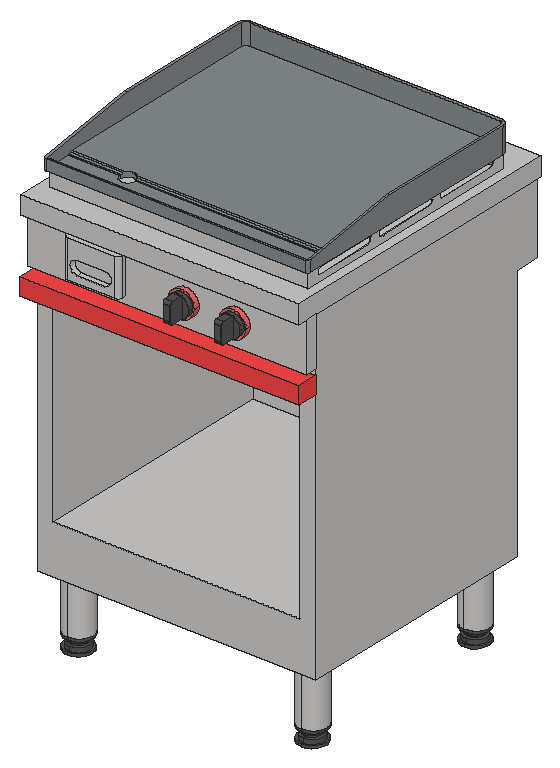
Revit family "ADB Armoire Plancha Fonte Gaz 620", category Equipement spécialisé, Revit 2022
Family settings
  Cote de connecteur circulaire = Utiliser le diamètre
  Type d'élément = Normal
  Numéro OmniClass = 23.40.40.14.17.11
  Titre OmniClass = Cookers, Ovens, Stoves
  Basée sur le plan de construction = Non
  Toujours verticalement = Oui
  Couper avec des vides une fois chargée = Non
  Conserver l'orientation des annotations = Non
  Partagée = Non
  Repère de localisation dans la pièce = Non
Parameters (values of type "CMG 620 PL")
  URL catalogue = "https://www.ambassade-de-bourgogne.com/fr/produits/armoires/grils/Resources/CMG-620-PL.pdf"
  URL = "https://www.ambassade-de-bourgogne.com/fr/produits/armoires/grils/Resources/CMG-620-PL.pdf"
  Type de Raccord Electrique [instance] = "Bornier 40A"  # constant formula
  Type article = ""
  Tension [instance] = 230 V  # constant formula
  Table = CME620PL_plancha fonte gaz : CME620PL_plancha fonte gaz
  Spécification du Fabricant = ""
  Remarques Electricité [instance] = "230V(MONO) commutable 400V(TRI)"
  Puissance électrique = 0 W
  Puissance Gaz kW = 6
  Porte inversée [instance] = no
  Porte CPM 600 [instance] = no
  Profondeur [instance] = 652 mm + if(Dosseret DSA 600, 50 mm, 0 mm) + if(Porte CPM 600, 53 mm, 0 mm)  # 652 mm
  Poids net à vide [instance] = 98.00 kg + if(Dosseret DSA 600, 1.00 kg, 0.00 kg) + if(Porte CPM 600, 5.00 kg, 0.00 kg)  # 98.00 kg
  Phase [instance] = 1  # constant formula
  Nombres de Pôles [instance] = Phase  # 1
  Modèle = "CMG 620 PL"
  Longueur [instance] = 600 mm  # constant formula
  Hauteur [instance] = 1000 mm
  Fréquence [instance] = 50 Hz  # constant formula
  Fabricant = "Société Industrielle de Lacanche"  # constant formula
  F = 810 mm
  Elévation par défaut = 0 mm
  Echelles ECH 400 [instance] = no
  E = 50 mm
  Dosseret DSA 600 [instance] = no
  Dosseret [instance] = if(Dosseret DSA 600, 50 mm, 0 mm)  # 0 mm
  Diamètre de Raccordement Gaz = 20.96 mm
  Description = "Plancha fonte gaz armoire"
  Connecteurs [instance] = yes
  Commentaires du type = "Gamme Ambassade - Grils et planchas gaz"
  D = 765 mm
  C = 300 mm
Reference planes
  plane 1 "Centre (avant/arrière)": y = 0
  plane 2: z = 0
  plane 3 "Centre (gauche/droite)": x = 0
  plane 4 "gauche": x = -300
  plane 5 "droite": x = 300
  plane 6 "fond de meuble": y = 325
  plane 7 "avant": y = -325
  plane 8 "arrière": y = 325
  plane 9: z = 1000
  plane 10: x = 0
  plane 11: z = 765
  plane 12: x = 250
  plane 13: z = 810
Forms (mm)
  Extrusion 1, solid, material "ADB_Network_Electricity_Yellow", visible <- "Connecteurs", detail levels medium+fine
    sketch origin (300, 315, 707) x (-1, 0, 0) y (0, 0, 1)
      loop
        circle (300, 58) r 10
    from 0 to 10
  Extrusion 2, solid, detail levels coarse
    sketch origin (0, 0, 0) x (1, 0, 0) y (0, 1, 0)
      loop
        line (-300, 325.033) -> (-300, -377.967) -> (300, -377.967) -> (300, 325.033) -> (-300, 325.033)
    from 0 to 1000 <- "Hauteur"
  Extrusion 3, solid, material "ADB_Stainless Steel-Polished", detail levels fine
    sketch origin (0, 0, 0) x (1, 0, 0) y (0, 1, 0)
      loop
        arc (-210, -313.5) -> (-207.218, -320.218) -> (-200.5, -323) r 9.5
        line (-200.5, -323) -> (-99.5, -323)
        arc (-99.5, -323) -> (-92.782, -320.218) -> (-90, -313.5) r 9.5
        line (-90, -313.5) -> (-90, -306) -> (-210, -306) -> (-210, -313.5)
    from 770 to 850
  Extrusion 4, void
    sketch origin (300, -306, 860) x (-1, 0, 0) y (0, 0, -1)
      loop
        arc (479.812, 45) -> (494.812, 60) -> (479.812, 75) r 15
        line (479.812, 75) -> (420.021, 75)
        arc (420.021, 75) -> (405.021, 60) -> (420.021, 45) r 15
        line (420.021, 45) -> (479.812, 45)
    from 5 to 38.602
  Extrusion 5, solid, material "ADB_Network_Gas_Red", detail levels medium+fine
    sketch origin (300, 315, 707) x (-1, 0, 0) y (0, 0, 1)
      loop
        circle (50, 103) r 10.48
    from 0 to 10
Cuts and joins
  Extrusion 4 cuts Extrusion 3
Dimensions and locks
  equal spacing: plane 5 "droite", plane 3 "Centre (gauche/droite)", plane 4 "gauche"
  "Longueur": plane 5 "droite" to plane 4 "gauche"
  plane 6 "fond de meuble" to plane 7 "avant" = 650 mm
  locked: plane 7 "avant" to plane 1 "Centre (avant/arrière)" at 325
  "Dosseret": plane 8 "arrière" to plane 6 "fond de meuble"
  "Hauteur": plane 9 to plane 2
  "D": plane 2 to plane 11
  "C": plane 5 "droite" to plane 10
  "E": plane 12 to plane 5 "droite"
  "F": plane 2 to plane 13
  aligned and locked: level to plane 2
  aligned and locked: plane 3 "Centre (gauche/droite)" to nested 1
  aligned and locked: Extrusion 1 sketch curve to plane 10
  aligned and locked: plane 11 to Extrusion 1 sketch curve
  aligned and locked: plane 3 "Centre (gauche/droite)" to nested 4
  aligned and locked: plane 13 to Extrusion 5 sketch curve
  aligned and locked: plane 12 to Extrusion 5 sketch curve
Automatic sketch dimensions
  Extrusion 2 sketch curve to plane 4 "gauche" = 0 mm
  Extrusion 2 sketch curve to plane 5 "droite" = 0 mm
  Extrusion 2 sketch curve to plane 7 "avant" = 52.967 mm
  plane 8 "arrière" to Extrusion 2 sketch curve = 0.033 mm
  plane 4 "gauche" to Extrusion 3 sketch curve = 90 mm
  plane 7 "avant" to Extrusion 3 sketch curve = 11.5 mm
  Extrusion 3 sketch curve to Extrusion 3 sketch curve = 9.5 mm  (x2)
  Extrusion 3 sketch curve to plane 3 "Centre (gauche/droite)" = 99.5 mm
  plane 7 "avant" to Extrusion 3 sketch curve = 19 mm
  Extrusion 4 sketch curve to nested 1 = 45 mm
  nested 1 to Extrusion 4 sketch curve = 179.979 mm
  Extrusion 4 sketch curve to Extrusion 4 sketch curve = 59.792 mm
  Extrusion 4 sketch curve to Extrusion 4 sketch curve = 15 mm
  radius of Extrusion 1 sketch curve = 10 mm
  radius of Extrusion 5 sketch curve = 10.48 mm
Nested families
  nested 1: "Soubassement armoire" at (0, 0, 0), Dosseret <- "Dosseret DSA 600", Porte <- "Porte CPM 600", Porte inversée <- "Porte inversée", Echelle <- "Echelles ECH 400", type "1 armoire", detail levels medium+fine
    with Profondeur 703 mm, Porte inversée no, Porte no, Longueur 600 mm, Hauteur 900 mm, Encombrement Porte standard no, Encombrement Porte inversée no, Echelle no, Décalage poignée 233.5 mm, Dosseret no
  nested 2: "Bouton" at (150, -306, 804.565) x (1, 0, 0) z (0, -1, 0), type "Bouton"
  nested 3: "Bouton" at (40, -306, 804.565) x (1, 0, 0) z (0, -1, 0), type "Bouton"
  nested 4: "CME620PL_plancha fonte gaz" at (0, 0, 900), type <- "Table", type "CME620PL_plancha fonte gaz", detail levels medium+fine
Connectors
  electrical at (0, 315, 765), driven by "Nombres de Pôles", driven by "Tension", driven by "Puissance électrique"
    settings: on Extrusion 1, index 1, voltage 230 V, apparent load 0 VA, apparent load phase1 0 VA, apparent load phase2 0 VA, apparent load phase3 0 VA, power factor 1, load classification "Autre", number of poles 1, system type 30, power factor state 1, is connector primary yes, connector utility no, sub classification motor no, connector description ""
  piping at (250, 315, 810), diameter 20.96, driven by "Diamètre de Raccordement Gaz"
    settings: on Extrusion 5, index 2, connector inside diameter 609.60 mm, connector length 0 mm, flow factor 0, pipe flow 0.0 L/s, pressure drop 0.0 Pa, fitting loss kfactor 0, connector angle 0.00°, fixture units 0, engagement length 0 mm, angle of deflection 0.00°, flow configuration 0, flow direction 1, fitting loss method 0, system type 29, joint type 0, gender type 0, connector reference index -1, connector utility 0, adjustable connector no, is connector primary yes, connector description "Gaz"
Definition of nested family "Soubassement armoire"
  Parameters (values of type "1 armoire")
    Profondeur produit = 650 mm
    Profondeur baie libre = if(Baie libre, Profondeur produit - 68 mm, 1 mm)  # 582 mm
    Porte inversée [instance] = no
    Longueur poignée = 229 mm  # constant formula
    Encombrement Porte inversée [instance] = and(Porte, Porte inversée)  # no
    Encombrement Porte standard [instance] = and(Porte, not(Porte inversée))  # no
    Porte [instance] = no
    Profondeur [instance] = Profondeur produit + if(Dosseret, 50 mm, 0 mm) + 53 mm  # 703 mm
    Longueur produit = 600 mm
    Longueur [instance] = Longueur produit  # 600 mm
    Hauteur produit = 900 mm
    Hauteur [instance] = Hauteur produit + if(Dosseret, 100 mm, 0 mm)  # 900 mm
    Default Elevation = 0 mm
    Echelle [instance] = no
    Décalage poignée [instance] = if(Porte inversée, Longueur, 233.5 mm)  # 233.5 mm
    Dosseret [instance] = no
    Baie libre = yes
  Reference planes
    plane 1 "Centre (avant/arrière)": y = 0
    plane 2: z = 0
    plane 3 "Centre (gauche/droite)": x = 0
    plane 4 "Gauche": x = -300
    plane 5 "Arrière": y = 325
    plane 6 "Droite": x = 300
    plane 7 "Avant": y = -325
    plane 8 "dessous meuble": z = 155
    plane 9 "Dessus de plan": z = 900
    plane 10 "Baguette coloré": z = 696
    plane 11 "dessous plan": z = 860
    plane 12 "Face": y = -280
    plane 13 "commande": z = 755
    plane 14 "dessus dosseret": z = 900
    plane 15: y = -377.967
    plane 16: y = 325.033
    plane 17 "Baguette colorë": y = -780
    plane 18: x = -66.5
  Forms (mm)
    Extrusion 1, solid, visible <- "Porte", detail levels medium+fine
      sketch origin (-300, 0, 0) x (0, 1, 0) y (0, 0, 1)
        loop
          line (-325, 155) -> (-280, 155) -> (-280, 696) -> (-325, 696) -> (-325, 155)
      from 0 to 600 <- "Longueur"
    Extrusion 2, solid, detail levels medium+fine
      sketch origin (-300, 0, 0) x (0, 1, 0) y (0, 0, 1)
        loop
          line (-280, 742.5) -> (-327, 742.5) -> (-327, 705) -> (-280, 705) -> (-280, 742.5)
      from 0 to 600 <- "Longueur"
    Extrusion 3, solid, detail levels medium+fine
      sketch origin (-300, 0, 0) x (0, 1, 0) y (0, 0, 1)
        loop
          line (325, 900) -> (-325, 900) -> (-325, 860) -> (325, 860) -> (325, 900)
      from 0 to 600 <- "Longueur"
    Extrusion 4, void
      sketch origin (0, -325, 0) x (-1, 0, 0) y (0, 0, 1)
        loop
          line (266, 679) -> (-266, 679) -> (-266, 261.5) -> (266, 261.5) -> (266, 679)
      from 0 to 582 <- "Profondeur baie libre"
    Extrusion 5, solid, detail levels medium+fine
      sketch origin (-300, 0, 0) x (0, 1, 0) y (0, 0, 1)
        loop
          line (-280, 860) -> (-306, 860) -> (-306, 755) -> (-280, 755) -> (-280, 860)
      from 0 to 600 <- "Longueur"
    Extrusion 6, solid, detail levels medium+fine
      sketch origin (-300, 0, 0) x (0, 1, 0) y (0, 0, 1)
        loop
          line (315, 860) -> (-280, 860) -> (-280, 155) -> (260, 155) -> (260, 707) -> (315, 707) -> (315, 860)
      from 0 to 600 <- "Longueur"
    Revolve 7, solid, detail levels medium+fine
      sketch origin (251.965, 0, 0) x (0, 1, 0) y (0, 0, -1)
        loop
          line (-258.968, -155) -> (-229, -155) -> (-229, 0) -> (-258.492, 0) -> (-258.492, -5) -> (-253.001, -5) -> (-253.001, -13.586) -> (-248.857, -16.488) -> (-248.857, -22) -> (-252.82, -22) -> (-258.968, -28.148) -> (-258.968, -34) -> (-258.968, -155)
        axis (-229, 0) -> (-229, -155)
      angle from 0 to 360
    Revolve 8, solid, detail levels medium+fine
      sketch origin (-251.965, 0, 0) x (0, 1, 0) y (0, 0, 1)
        loop
          line (-258.968, 155) -> (-258.968, 34) -> (-258.968, 28.148) -> (-252.82, 22) -> (-248.857, 22) -> (-248.857, 16.488) -> (-253.001, 13.586) -> (-253.001, 5) -> (-258.492, 5) -> (-258.492, 0) -> (-229, 0) -> (-229, 155) -> (-258.968, 155)
        axis (-229, 0) -> (-229, 155)
      angle from 0 to 360
    Revolve 9, solid, detail levels medium+fine
      sketch origin (-251.965, -20, 0) x (0, -1, 0) y (0, 0, -1)
        loop
          line (-258.968, -155) -> (-229, -155) -> (-229, 0) -> (-258.492, 0) -> (-258.492, -5) -> (-253.001, -5) -> (-253.001, -13.586) -> (-248.857, -16.488) -> (-248.857, -22) -> (-252.82, -22) -> (-258.968, -28.148) -> (-258.968, -34) -> (-258.968, -155)
        axis (-229, 0) -> (-229, -155)
      angle from 0 to 360
    Extrusion 10, solid, visible <- "Dosseret", detail levels medium+fine
      sketch origin (-300, 0, 0) x (0, 1, 0) y (0, 0, 1)
        loop
          line (375.033, 1000) -> (325, 1000) -> (325, 860) -> (375.033, 860) -> (375.033, 1000)
      from 0 to 600 <- "Longueur"
    Revolve 11, solid, detail levels medium+fine
      sketch origin (251.965, -20, 0) x (0, -1, 0) y (0, 0, 1)
        loop
          line (-258.968, 155) -> (-258.968, 34) -> (-258.968, 28.148) -> (-252.82, 22) -> (-248.857, 22) -> (-248.857, 16.488) -> (-253.001, 13.586) -> (-253.001, 5) -> (-258.492, 5) -> (-258.492, 0) -> (-229, 0) -> (-229, 155) -> (-258.968, 155)
        axis (-229, 0) -> (-229, 155)
      angle from 0 to 360
    Extrusion 12, void
      sketch origin (0, 0, 900) x (0, -1, 0) y (1, 0, 0)
        loop
          line (-307.033, -266.567) -> (-293.033, -266.567) -> (-293.033, 266.464) -> (-307.033, 266.464) -> (-307.033, -266.567)
      from 0 to -0.8
    Extrusion 13, solid, detail levels medium+fine
      sketch origin (-300, 260, 155) x (0, 0, 1) y (1, 0, 0)
        loop
          line (65, 454) -> (65, 146) -> (552, 146) -> (552, 454) -> (65, 454)
      from 0 to 35
    Extrusion 14, solid, visible <- "Echelle"
      sketch origin (0, 0, 0) x (1, 0, 0) y (0, 0, 1)
        loop
          line (-266, 648.8) -> (-266, 623.8) -> (-256.5, 623.8) -> (-256.5, 625) -> (-264.8, 625) -> (-264.8, 647.6) -> (-248, 647.6) -> (-248, 648.8) -> (-266, 648.8)
        loop
          line (-266, 548.8) -> (-266, 523.8) -> (-256.5, 523.8) -> (-256.5, 525) -> (-264.8, 525) -> (-264.8, 547.6) -> (-248, 547.6) -> (-248, 548.8) -> (-266, 548.8)
        loop
          line (-266, 448.8) -> (-266, 423.8) -> (-256.5, 423.8) -> (-256.5, 425) -> (-264.8, 425) -> (-264.8, 447.6) -> (-248, 447.6) -> (-248, 448.8) -> (-266, 448.8)
        loop
          line (-266, 348.8) -> (-266, 323.8) -> (-256.5, 323.8) -> (-256.5, 325) -> (-264.8, 325) -> (-264.8, 347.6) -> (-248, 347.6) -> (-248, 348.8) -> (-266, 348.8)
      from -113.466 to 206.5
    Extrusion 15, solid, visible <- "Echelle"
      sketch origin (0, 0, 0) x (-1, 0, 0) y (0, 0, -1)
        loop
          line (-266, -648.8) -> (-248, -648.8) -> (-248, -647.6) -> (-264.8, -647.6) -> (-264.8, -625) -> (-256.5, -625) -> (-256.5, -623.8) -> (-266, -623.8) -> (-266, -648.8)
        loop
          line (-266, -548.8) -> (-248, -548.8) -> (-248, -547.6) -> (-264.8, -547.6) -> (-264.8, -525) -> (-256.5, -525) -> (-256.5, -523.8) -> (-266, -523.8) -> (-266, -548.8)
        loop
          line (-266, -448.8) -> (-248, -448.8) -> (-248, -447.6) -> (-264.8, -447.6) -> (-264.8, -425) -> (-256.5, -425) -> (-256.5, -423.8) -> (-266, -423.8) -> (-266, -448.8)
        loop
          line (-266, -348.8) -> (-248, -348.8) -> (-248, -347.6) -> (-264.8, -347.6) -> (-264.8, -325) -> (-256.5, -325) -> (-256.5, -323.8) -> (-266, -323.8) -> (-266, -348.8)
      from -113.466 to 206.5
  Cuts and joins
    Extrusion 4 cuts Extrusion 6
    Extrusion 12 cuts Extrusion 10
  Lines and regions (mm)
    symbolic lines, visible <- "Encombrement Porte standard"
      curve 1: line (300, -280, 155) -> (300, -880, 155)
      curve 4: arc (-300, -280, 155) -> (-124.264, -704.264, 155) -> (300, -880, 155) r 600
    symbolic lines, visible <- "Encombrement Porte inversée"
      curve 2: line (-300, -280, 155) -> (-300, -880, 155)
      curve 3: arc (300, -280, 155) -> (124.264, -704.264, 155) -> (-300, -880, 155) r 600
  Dimensions and locks
    equal spacing: plane 7 "Avant", plane 1 "Centre (avant/arrière)", plane 5 "Arrière"
    "Profondeur produit": plane 5 "Arrière" to plane 7 "Avant"
    equal spacing: plane 4 "Gauche", plane 3 "Centre (gauche/droite)", plane 6 "Droite"
    "Longueur produit": plane 4 "Gauche" to plane 6 "Droite"
    "Hauteur produit": plane 9 "Dessus de plan" to plane 2
    locked: plane 8 "dessous meuble" to plane 2 at 155
    locked: plane 9 "Dessus de plan" to plane 11 "dessous plan" at 40
    locked: plane 7 "Avant" to plane 12 "Face" at 45
    locked: plane 13 "commande" to plane 10 "Baguette coloré" at 59
    locked: plane 11 "dessous plan" to plane 13 "commande" at 105
    Extrusion 4 sketch curve to plane 8 "dessous meuble" = 106.5 mm
    Extrusion 4 sketch curve to plane 6 "Droite" = 34 mm
    Extrusion 4 sketch curve to plane 4 "Gauche" = 34 mm
    plane 10 "Baguette coloré" to Extrusion 4 sketch curve = 17 mm
    "Hauteur": plane 14 "dessus dosseret" to plane 2
    locked: plane 7 "Avant" to plane 15 at 52.967
    "Profondeur": plane 15 to plane 16
    equal spacing: Extrusion 13 sketch curve, plane 3 "Centre (gauche/droite)", Extrusion 13 sketch curve
    "Décalage poignée": plane 18 to plane 4 "Gauche"
    locked: plane 4 "Gauche" to Revolve 9 at 18.067
    locked: Revolve 11 to plane 6 "Droite" at 18.067
    locked: Revolve 7 to plane 6 "Droite" at 18.067
    locked: plane 4 "Gauche" to Revolve 8 at 18.067
    locked: Revolve 8 to plane 12 "Face" at 21.032
    locked: Revolve 7 to plane 12 "Face" at 21.032
    locked: plane 5 "Arrière" to Extrusion 10 sketch curve at 50.033
    plane 16 to Extrusion 12 sketch curve to Extrusion 12 sketch curve = 18 mm locked, 14 mm locked
    aligned and locked: level to plane 2
    aligned and locked: plane 18 to nested 1
  Automatic sketch dimensions
    Extrusion 1 sketch curve to plane 7 "Avant" = 0 mm
    Extrusion 1 sketch curve to plane 10 "Baguette coloré" = 0 mm
    Extrusion 1 sketch curve to plane 12 "Face" = 0 mm
    Extrusion 1 sketch curve to plane 8 "dessous meuble" = 0 mm
    Extrusion 2 sketch curve to plane 12 "Face" = 0 mm
    Extrusion 2 sketch curve to plane 7 "Avant" = 2 mm
    plane 10 "Baguette coloré" to Extrusion 2 sketch curve = 9 mm
    Extrusion 2 sketch curve to plane 13 "commande" = 12.5 mm
    Extrusion 3 sketch curve to plane 7 "Avant" = 0 mm
    Extrusion 3 sketch curve to plane 5 "Arrière" = 0 mm
    Extrusion 3 sketch curve to plane 11 "dessous plan" = 0 mm
    Extrusion 3 sketch curve to plane 9 "Dessus de plan" = 0 mm
    Extrusion 5 sketch curve to plane 11 "dessous plan" = 0 mm
    Extrusion 5 sketch curve to plane 13 "commande" = 0 mm
    Extrusion 5 sketch curve to plane 12 "Face" = 0 mm
    plane 7 "Avant" to Extrusion 5 sketch curve = 19 mm
    Extrusion 6 sketch curve to plane 11 "dessous plan" = 0 mm
    Extrusion 6 sketch curve to plane 12 "Face" = 0 mm
    Extrusion 6 sketch curve to plane 8 "dessous meuble" = 0 mm
    Extrusion 6 sketch curve to plane 5 "Arrière" = 65 mm
    Extrusion 6 sketch curve to plane 5 "Arrière" = 10 mm
    plane 10 "Baguette coloré" to Extrusion 6 sketch curve = 11 mm
    Revolve 7 sketch curve to plane 8 "dessous meuble" = 0 mm
    Revolve 7 sketch curve to level = 0 mm
    plane 12 "Face" to Revolve 7 sketch curve = 21.032 mm
    plane 12 "Face" to Revolve 7 sketch curve = 21.508 mm
    Revolve 7 sketch curve to Revolve 7 sketch curve = 5.491 mm
    Revolve 7 sketch curve to Revolve 7 sketch curve = 0.181 mm
    Revolve 7 sketch curve to Revolve 7 sketch curve = 3.964 mm
    Revolve 7 sketch curve to Revolve 7 sketch curve = 24.001 mm
    level to Revolve 7 sketch curve = 34 mm
    Revolve 7 sketch curve to Revolve 7 sketch curve = 5.852 mm
    Revolve 7 sketch curve to Revolve 7 sketch curve = 6.148 mm
    Revolve 7 sketch curve to Revolve 7 sketch curve = 5.512 mm
    Revolve 7 sketch curve to Revolve 7 sketch curve = 2.902 mm
    level to Revolve 7 sketch curve = 5 mm
    Revolve 7 sketch curve to Revolve 7 sketch curve = 0 mm
    plane 8 "dessous meuble" to Revolve 7 sketch curve = 19 mm
    Revolve 7 sketch curve to Revolve 7 sketch curve = 12 mm
    Revolve 8 sketch curve to plane 8 "dessous meuble" = 0 mm
    Revolve 8 sketch curve to level = 0 mm
    plane 12 "Face" to Revolve 8 sketch curve = 21.032 mm
    plane 12 "Face" to Revolve 8 sketch curve = 21.508 mm
    Revolve 8 sketch curve to Revolve 8 sketch curve = 5.491 mm
    Revolve 8 sketch curve to Revolve 8 sketch curve = 0.181 mm
    Revolve 8 sketch curve to Revolve 8 sketch curve = 3.964 mm
    Revolve 8 sketch curve to Revolve 8 sketch curve = 24.001 mm
    level to Revolve 8 sketch curve = 5 mm
    Revolve 8 sketch curve to Revolve 8 sketch curve = 8.586 mm
    Revolve 8 sketch curve to Revolve 8 sketch curve = 2.902 mm
    Revolve 8 sketch curve to Revolve 8 sketch curve = 5.512 mm
    Revolve 8 sketch curve to Revolve 8 sketch curve = 6.148 mm
    Revolve 8 sketch curve to Revolve 8 sketch curve = 5.852 mm
    Revolve 8 sketch curve to Revolve 8 sketch curve = 0 mm
    Revolve 8 sketch curve to Revolve 8 sketch curve = 12 mm
    plane 8 "dessous meuble" to Revolve 8 sketch curve = 19 mm
    Revolve 9 sketch curve to plane 8 "dessous meuble" = 0 mm
    Revolve 9 sketch curve to level = 0 mm
    level to Revolve 9 sketch curve = 28.148 mm
    Revolve 9 sketch curve to plane 5 "Arrière" = 86.032 mm
    Revolve 9 sketch curve to Revolve 9 sketch curve = 0.477 mm
    level to Revolve 9 sketch curve = 13.586 mm
    Revolve 9 sketch curve to Revolve 9 sketch curve = 5.491 mm
    Revolve 9 sketch curve to Revolve 9 sketch curve = 0.181 mm
    Revolve 9 sketch curve to Revolve 9 sketch curve = 3.964 mm
    Revolve 9 sketch curve to Revolve 9 sketch curve = 24.001 mm
    Revolve 9 sketch curve to Revolve 9 sketch curve = 5.852 mm
    Revolve 9 sketch curve to Revolve 9 sketch curve = 8.414 mm
    Revolve 9 sketch curve to Revolve 9 sketch curve = 2.902 mm
    level to Revolve 9 sketch curve = 5 mm
    Revolve 9 sketch curve to Revolve 9 sketch curve = 0 mm
    plane 8 "dessous meuble" to Revolve 9 sketch curve = 19 mm
    Revolve 9 sketch curve to Revolve 9 sketch curve = 12 mm
    Extrusion 10 sketch curve to plane 5 "Arrière" = 0 mm
    Extrusion 10 sketch curve to plane 11 "dessous plan" = 0 mm
    plane 9 "Dessus de plan" to Extrusion 10 sketch curve = 100 mm
    curve 3 to plane 6 "Droite" = 0 mm
    curve 3 to plane 4 "Gauche" = 0 mm
    curve 4 to plane 4 "Gauche" = 0 mm
    curve 4 to plane 12 "Face" = 0 mm
    curve 2 to plane 12 "Face" = 0 mm
    curve 3 to plane 12 "Face" = 0 mm
    Revolve 11 sketch curve to plane 8 "dessous meuble" = 0 mm
    Revolve 11 sketch curve to level = 0 mm
    level to Revolve 11 sketch curve = 28.148 mm
    Revolve 11 sketch curve to plane 5 "Arrière" = 86.032 mm
    Revolve 11 sketch curve to Revolve 11 sketch curve = 0.477 mm
    level to Revolve 11 sketch curve = 13.586 mm
    Revolve 11 sketch curve to Revolve 11 sketch curve = 5.491 mm
    Revolve 11 sketch curve to Revolve 11 sketch curve = 0.181 mm
    Revolve 11 sketch curve to Revolve 11 sketch curve = 3.964 mm
    Revolve 11 sketch curve to Revolve 11 sketch curve = 24.001 mm
    level to Revolve 11 sketch curve = 5 mm
    Revolve 11 sketch curve to Revolve 11 sketch curve = 2.902 mm
    Revolve 11 sketch curve to Revolve 11 sketch curve = 5.512 mm
    Revolve 11 sketch curve to Revolve 11 sketch curve = 5.852 mm
    Revolve 11 sketch curve to Revolve 11 sketch curve = 0 mm
    Revolve 11 sketch curve to Revolve 11 sketch curve = 12 mm
    plane 8 "dessous meuble" to Revolve 11 sketch curve = 19 mm
    plane 4 "Gauche" to Extrusion 12 sketch curve = 33.433 mm
    plane 6 "Droite" to Extrusion 12 sketch curve = 33.536 mm
    Extrusion 13 sketch curve to Extrusion 6 = 0 mm
    Extrusion 6 to Extrusion 13 sketch curve = 65 mm
    Extrusion 6 to Extrusion 13 sketch curve = 146 mm
    plane 4 "Gauche" to Extrusion 14 sketch curve = 34 mm  (x4)
    Extrusion 14 sketch curve to Extrusion 14 sketch curve = 1.2 mm  (x12)
    Extrusion 14 sketch curve to Extrusion 14 sketch curve = 8.3 mm  (x4)
    Extrusion 14 sketch curve to Extrusion 14 sketch curve = 16.8 mm  (x4)
    plane 8 "dessous meuble" to Extrusion 14 sketch curve = 168.8 mm
    Extrusion 14 sketch curve to Extrusion 14 sketch curve = 22.6 mm  (x4)
    Extrusion 14 sketch curve to Extrusion 14 sketch curve = 75 mm  (x2)
    Extrusion 14 sketch curve to plane 10 "Baguette coloré" = 72.2 mm
    plane 6 "Droite" to Extrusion 15 sketch curve = 34 mm  (x4)
    Extrusion 15 sketch curve to Extrusion 15 sketch curve = 1.2 mm  (x12)
    Extrusion 15 sketch curve to Extrusion 15 sketch curve = 8.3 mm  (x4)
    Extrusion 15 sketch curve to Extrusion 15 sketch curve = 16.8 mm  (x4)
    Extrusion 15 sketch curve to plane 10 "Baguette coloré" = 47.2 mm
    Extrusion 15 sketch curve to Extrusion 15 sketch curve = 22.6 mm  (x4)
    Extrusion 15 sketch curve to Extrusion 15 sketch curve = 75 mm  (x3)
    curve 1 to plane 6 "Droite" = 0 mm
    curve 1 to plane 12 "Face" = 0 mm
  Nested families
    nested 1: "Poignée" at (-181, -325, 681.933) x (1, 0, 0) z (0, -1, 0), visible <- "Porte", Longueur <- "Longueur poignée", type "Poignée", detail levels fine
      with Longueur 229 mm
  Definition of nested family "Poignée"
    Parameters (values of type "Poignée")
      Longueur [instance] = 800 mm
      Default Elevation = 1219.2 mm
    Reference planes
      plane 1 "Centre (avant/arrière)": y = 0
      plane 2: z = 0
      plane 3 "Centre (gauche/droite)": x = 0
      plane 4: x = -400
      plane 5: x = 400
      plane 6: x = -395
      plane 7: x = 395
    Forms (mm)
      Extrusion 1, solid
        sketch origin (0, 0, 0) x (1, 0, 0) y (0, 1, 0)
          loop
            line (-1219.2, 1219.2) -> (-1219.2, -1219.2) -> (1219.2, -1219.2) -> (1219.2, 1219.2) -> (-1219.2, 1219.2)
        from 0 to -304.8
      Extrusion 2, solid
        sketch origin (0, 0, 0) x (0, 1, 0) y (0, 0, 1)
          loop
            circle (0, 38.995) r 13.972
        from -395 to 395
      Extrusion 3, solid
        sketch origin (0, 0, 0) x (1, 0, 0) y (0, 1, 0)
          loop
            circle (-363.542, 0) r 8.5
          loop
            circle (363.453, 0) r 8.5
        from 0 to 37.089
    Cuts and joins
      joined: Extrusion 2, Extrusion 3
    Dimensions and locks
      equal spacing: plane 4, plane 3 "Centre (gauche/droite)", plane 5
      "Longueur": plane 4 to plane 5
      locked: plane 4 to plane 6 at 5
      locked: plane 7 to plane 5 at 5
      locked: plane 6 to Extrusion 3 sketch curve at 31.458
      locked: Extrusion 3 sketch curve to plane 7 at 31.547
      aligned and locked: plane 2 to Extrusion 1
      aligned and locked: level to Extrusion 1
      aligned and locked: plane 6 to Extrusion 2
      aligned and locked: Extrusion 2 to plane 7
      aligned and locked: plane 1 "Centre (avant/arrière)" to Extrusion 3 sketch curve
    Automatic sketch dimensions
      Extrusion 1 sketch curve to Extrusion 1 sketch curve = 2438.4 mm  (x2)
      Extrusion 2 sketch curve to plane 1 "Centre (avant/arrière)" = 0 mm
      level to Extrusion 2 sketch curve = 38.995 mm
      plane 1 "Centre (avant/arrière)" to Extrusion 3 sketch curve = 0 mm
      radius of Extrusion 2 sketch curve = 13.972 mm
      radius of Extrusion 3 sketch curve = 8.5 mm  (x2)
Definition of nested family "Bouton"
  Parameters (values of type "Bouton")
    Matériau base bouton = none
    Default Elevation = 1219.2 mm
  Reference planes
    plane 1 "Centre (avant/arrière)": y = 0
    plane 2: z = 0
    plane 3 "Centre (gauche/droite)": x = 0
  Forms (mm)
    Extrusion 1, solid
      sketch origin (0, 0, 0) x (1, 0, 0) y (0, 1, 0)
        loop
          line (-1219.2, 1219.2) -> (-1219.2, -1219.2) -> (1219.2, -1219.2) -> (1219.2, 1219.2) -> (-1219.2, 1219.2)
      from 0 to -304.8
    Extrusion 2, solid, material <- "Matériau base bouton", detail levels fine
      sketch origin (0, 0, 0) x (1, 0, 0) y (0, 1, 0)
        loop
          circle (0, 0) r 28.5
      from 0 to 11.5
    Extrusion 3, solid, detail levels fine
      sketch origin (0, 0, 0) x (1, 0, 0) y (0, 1, 0)
        loop
          circle (0, 0) r 24.1
      from 11.5 to 20.5
    Extrusion 4, solid, detail levels fine
      sketch origin (0, 0, 0) x (1, 0, 0) y (0, 0, 1)
        loop
          line (-8.082, 20.5) -> (8.082, 20.5) -> (7.58, 49.253)
          arc (7.58, 49.253) -> (6.684, 51.34) -> (4.581, 52.2) r 3
          line (4.581, 52.2) -> (-4.581, 52.2)
          arc (-4.581, 52.2) -> (-6.684, 51.34) -> (-7.58, 49.253) r 3
          line (-7.58, 49.253) -> (-8.082, 20.5)
      from -22.082 to 22.162
    Extrusion 5, void
      sketch origin (0, 0, 0) x (0, 1, 0) y (0, 0, 1)
        loop
          line (-15.762, 50.701) -> (15.682, 50.701)
          arc (15.682, 50.701) -> (20.208, 48.826) -> (22.082, 44.301) r 6.4
          line (22.082, 44.301) -> (22.082, 41.701) -> (24.232, 41.701) -> (24.232, 54.688) -> (-24.768, 54.688) -> (-24.768, 41.701) -> (-22.162, 41.701) -> (-22.162, 44.301)
          arc (-22.162, 44.301) -> (-20.287, 48.826) -> (-15.762, 50.701) r 6.4
      from -15.908 to 13.709
  Cuts and joins
    Extrusion 5 cuts Extrusion 4
  Lines and regions (mm)
    symbolic lines, detail levels fine
      curve 1: line (0, -28.5, 0) -> (0, 28.5, 0)
  Dimensions and locks
    aligned and locked: plane 2 to Extrusion 1
    aligned and locked: level to Extrusion 1
Definition of nested family "CME620PL_plancha fonte gaz"
  Parameters (values of type "CME620PL_plancha fonte gaz")
    Longueur plancha = Longueur - 30 mm  # 570 mm
    Habillage = none
    Longueur = 600 mm
    Largeur = 650 mm
    Default Elevation = 1219.2 mm
  Reference planes
    plane 1 "Centre (avant/arrière)": y = 0
    plane 2: z = 0
    plane 3 "Centre (gauche/droite)": x = 0
    plane 4: y = 325
    plane 5: y = -325
    plane 6: x = 300
    plane 7: x = -300
    plane 8: x = -285
    plane 9: x = 285
  Forms (mm)
    Extrusion 1, solid
      sketch origin (0, 0, 0) x (1, 0, 0) y (0, 1, 0)
        loop
          line (-1219.2, 1219.2) -> (-1219.2, -1219.2) -> (1219.2, -1219.2) -> (1219.2, 1219.2) -> (-1219.2, 1219.2)
      from 0 to -304.8
    Extrusion 2, solid
      sketch origin (0, 0, 0) x (1, 0, 0) y (0, 1, 0)
        loop
          arc (-269, 258) -> (-280.314, 253.314) -> (-285, 242) r 16
          line (-285, 242) -> (-285, -276)
          arc (-285, -276) -> (-283.243, -280.243) -> (-279, -282) r 6
          line (-279, -282) -> (279, -282)
          arc (279, -282) -> (283.243, -280.243) -> (285, -276) r 6
          line (285, -276) -> (285, 242)
          arc (285, 242) -> (280.314, 253.314) -> (269, 258) r 16
          line (269, 258) -> (-269, 258)
        loop
          line (269, 253) -> (-269, 253)
          arc (-269, 253) -> (-276.778, 249.778) -> (-280, 242) r 11
          line (-280, 242) -> (-280, -277) -> (280, -277) -> (280, 242)
          arc (280, 242) -> (276.778, 249.778) -> (269, 253) r 11
      from 34 to 89
    Extrusion 3, void
      sketch origin (0, 0, 34) x (0, 1, 0) y (0, 0, 1)
        loop
          line (-285.597, 22.298) -> (-48.289, 57.005) -> (-285.597, 57.005) -> (-285.597, 22.298)
      from -300 to 300
    Extrusion 4, solid
      sketch origin (0, 0, 0) x (1, 0, 0) y (0, 1, 0)
        loop
          line (269, 253) -> (-269, 253)
          arc (-269, 253) -> (-276.778, 249.778) -> (-280, 242) r 11
          line (-280, 242) -> (-280, -277) -> (280, -277) -> (280, 242)
          arc (280, 242) -> (276.778, 249.778) -> (269, 253) r 11
      from 34 to 44
    Extrusion 5, void
      sketch origin (0, 0, 34) x (0, 1, 0) y (0, 0, 1)
        loop
          arc (-222.947, 4.853) -> (-221.567, 5.137) -> (-220.41, 5.942) r 3.5
          line (-220.41, 5.942) -> (-217.704, 8.787)
          arc (-217.704, 8.787) -> (-216.416, 9.684) -> (-214.878, 10) r 3.9
          line (-214.878, 10) -> (-208.35, 10) -> (-208.35, 10.9) -> (-265.33, 10.9) -> (-260.639, 5.813)
          arc (-260.639, 5.813) -> (-259.541, 5.102) -> (-258.257, 4.853) r 3.435
          line (-258.257, 4.853) -> (-222.947, 4.853)
      from -280 to 280
    Extrusion 6, solid
      sketch origin (0, 0, 34) x (0, 1, 0) y (0, 0, 1)
        loop
          line (-264.5, 10) -> (-277, 23.554) -> (-277, 10) -> (-264.5, 10)
      from -280 to 280
    Extrusion 7, void
      sketch origin (0, 0, 0) x (1, 0, 0) y (0, 1, 0)
        loop
          circle (-149.993, -224.663) r 15.75
      from 0 to 69.7
    Extrusion 8, void
      sketch origin (0, 0, 0) x (0, 1, 0) y (0, 0, 1)
        loop
          line (-112.112, 28.047) -> (-242.006, 26.81)
          arc (-242.006, 26.81) -> (-249.434, 19.239) -> (-241.863, 11.81) r 7.5
          line (-241.863, 11.81) -> (-111.969, 13.048)
          arc (-111.969, 13.048) -> (-104.541, 20.619) -> (-112.112, 28.047) r 7.5
        loop
          line (52.913, 29.619) -> (-77.025, 28.381)
          arc (-77.025, 28.381) -> (-84.453, 20.81) -> (-76.882, 13.382) r 7.5
          line (-76.882, 13.382) -> (53.056, 14.619)
          arc (53.056, 14.619) -> (60.484, 22.19) -> (52.913, 29.619) r 7.5
        loop
          line (217.886, 31.19) -> (87.964, 29.952)
          arc (87.964, 29.952) -> (80.536, 22.381) -> (88.107, 14.953) r 7.5
          line (88.107, 14.953) -> (218.028, 16.19)
          arc (218.028, 16.19) -> (225.457, 23.762) -> (217.886, 31.19) r 7.5
      from -300 to 300
    Extrusion 9, void
      sketch origin (0, 0, 0) x (1, 0, 0) y (0, 0, 1)
        loop
          line (105.055, 16.5) -> (264.975, 16.5)
          arc (264.975, 16.5) -> (272.475, 24) -> (264.975, 31.5) r 7.5
          line (264.975, 31.5) -> (105.055, 31.5)
          arc (105.055, 31.5) -> (97.555, 24) -> (105.055, 16.5) r 7.5
        loop
          arc (-80.02, 31.5) -> (-87.52, 24) -> (-80.02, 16.5) r 7.5
          line (-80.02, 16.5) -> (79.97, 16.5)
          arc (79.97, 16.5) -> (87.47, 24) -> (79.97, 31.5) r 7.5
          line (79.97, 31.5) -> (-80.02, 31.5)
        loop
          arc (-105.065, 16.5) -> (-97.565, 24) -> (-105.065, 31.5) r 7.5
          line (-105.065, 31.5) -> (-264.982, 31.5)
          arc (-264.982, 31.5) -> (-272.482, 24) -> (-264.982, 16.5) r 7.5
          line (-264.982, 16.5) -> (-105.065, 16.5)
      from -325 to -230.968
    Extrusion 10, solid
      sketch origin (0, 0, 0) x (1, 0, 0) y (0, 1, 0)
        loop
          line (-278.5, 250.5) -> (-278.5, -274.5) -> (278.5, -274.5) -> (278.5, 250.5) -> (-278.5, 250.5)
        loop
          line (277, 249) -> (-277, 249) -> (-277, -273) -> (277, -273) -> (277, 249)
      from 0 to 34
  Cuts and joins
    Extrusion 3 cuts Extrusion 2
    Extrusion 5, Extrusion 7 cuts Extrusion 4
    joined: Extrusion 4, Extrusion 6
    Extrusion 8, Extrusion 9 cuts Extrusion 10
  Dimensions and locks
    "Largeur": plane 5 to plane 4
    "Longueur": plane 7 to plane 6
    "Longueur plancha": plane 8 to plane 9
    locked: Extrusion 2 sketch curve to Extrusion 2 sketch curve at 5  (x4)
    equal spacing: plane 7, plane 3 "Centre (gauche/droite)", plane 6
    equal spacing: plane 8, plane 3 "Centre (gauche/droite)", plane 9
    plane 7 to Extrusion 10 sketch curve to Extrusion 10 sketch curve = 21.5 mm locked, 1.5 mm locked
    Extrusion 10 sketch curve to Extrusion 10 sketch curve to plane 6 = 1.5 mm locked, 21.5 mm locked
    locked: Extrusion 10 sketch curve to Extrusion 10 sketch curve at 1.5  (x2)
    aligned and locked: plane 2 to Extrusion 1
    aligned and locked: level to Extrusion 1
    aligned and locked: plane 8 to Extrusion 2 sketch curve
    aligned and locked: plane 9 to Extrusion 2 sketch curve
    aligned and locked: cut or joined group of Extrusion 4, Extrusion 5, Extrusion 6, Extrusion 7 to cut or joined group of Extrusion 2, Extrusion 3  (x2)
    aligned and locked: Extrusion 8 to plane 6
    aligned and locked: plane 7 to Extrusion 8
  Automatic sketch dimensions
    Extrusion 1 sketch curve to Extrusion 1 sketch curve = 2438.4 mm  (x2)
    Extrusion 3 sketch curve to plane 5 = 39.403 mm
    level to Extrusion 3 sketch curve = 56.298 mm
    plane 1 "Centre (avant/arrière)" to Extrusion 3 sketch curve = 48.289 mm
    Extrusion 3 sketch curve to Extrusion 3 sketch curve = 34.708 mm
    Extrusion 2 sketch curve to Extrusion 2 sketch curve = 0 mm  (x2)
    Extrusion 2 sketch curve to plane 5 = 43 mm
    plane 4 to Extrusion 2 sketch curve = 83 mm
    Extrusion 4 sketch curve to plane 5 = 48 mm
    plane 4 to Extrusion 4 sketch curve = 83 mm
    level to Extrusion 6 sketch curve = 44 mm
    Extrusion 6 sketch curve to plane 5 = 48 mm
    Extrusion 6 sketch curve to Extrusion 6 sketch curve = 12.5 mm
    level to Extrusion 6 sketch curve = 57.554 mm
    level to Extrusion 5 sketch curve = 44.9 mm
    Extrusion 5 sketch curve to plane 5 = 59.67 mm
    level to Extrusion 5 sketch curve = 39.813 mm
    Extrusion 5 sketch curve to Extrusion 5 sketch curve = 4.691 mm
    Extrusion 5 sketch curve to Extrusion 5 sketch curve = 2.381 mm
    level to Extrusion 5 sketch curve = 42.353 mm
    Extrusion 5 sketch curve to Extrusion 5 sketch curve = 35.31 mm
    level to Extrusion 5 sketch curve = 39.942 mm
    Extrusion 5 sketch curve to Extrusion 5 sketch curve = 2.536 mm
    level to Extrusion 5 sketch curve = 42.787 mm
    Extrusion 5 sketch curve to Extrusion 5 sketch curve = 2.706 mm
    Extrusion 5 sketch curve to Extrusion 5 sketch curve = 2.826 mm
    Extrusion 5 sketch curve to Extrusion 5 sketch curve = 6.528 mm
    Extrusion 5 sketch curve to Extrusion 5 sketch curve = 2.687 mm
    Extrusion 7 sketch curve to plane 5 = 100.337 mm
    Extrusion 2 sketch curve to plane 7 = 31 mm
    Extrusion 2 sketch curve to Extrusion 2 sketch curve = 1 mm  (x2)
    Extrusion 4 sketch curve to plane 7 = 31 mm
    Extrusion 4 sketch curve to plane 7 = 20 mm
    Extrusion 7 sketch curve to plane 3 "Centre (gauche/droite)" = 149.993 mm
    Extrusion 2 sketch curve to Extrusion 2 sketch curve = 11 mm
    plane 6 to Extrusion 4 sketch curve = 31 mm
    plane 9 to Extrusion 4 sketch curve = 5 mm
    level to Extrusion 8 sketch curve = 26.81 mm
    Extrusion 8 sketch curve to plane 5 = 82.994 mm
    Extrusion 8 sketch curve to Extrusion 8 sketch curve = 0.071 mm  (x12)
    level to Extrusion 8 sketch curve = 11.81 mm
    level to Extrusion 8 sketch curve = 28.047 mm
    plane 1 "Centre (avant/arrière)" to Extrusion 8 sketch curve = 112.112 mm
    level to Extrusion 8 sketch curve = 13.048 mm
    level to Extrusion 8 sketch curve = 28.381 mm
    Extrusion 8 sketch curve to Extrusion 8 sketch curve = 35.087 mm
    level to Extrusion 8 sketch curve = 13.382 mm
    Extrusion 8 sketch curve to plane 1 "Centre (avant/arrière)" = 52.913 mm
    level to Extrusion 8 sketch curve = 14.619 mm
    level to Extrusion 8 sketch curve = 29.952 mm
    Extrusion 8 sketch curve to Extrusion 8 sketch curve = 35.051 mm
    level to Extrusion 8 sketch curve = 14.953 mm
    level to Extrusion 8 sketch curve = 31.19 mm
    plane 4 to Extrusion 8 sketch curve = 107.114 mm
    level to Extrusion 8 sketch curve = 16.19 mm
    Extrusion 8 sketch curve to Extrusion 8 sketch curve = 7.5 mm
    Extrusion 9 sketch curve to plane 8 = 20.018 mm
    level to Extrusion 9 sketch curve = 31.5 mm  (x2)
    Extrusion 9 sketch curve to plane 3 "Centre (gauche/droite)" = 105.065 mm
    level to Extrusion 9 sketch curve = 16.5 mm  (x2)
    Extrusion 9 sketch curve to Extrusion 9 sketch curve = 25.045 mm
    plane 3 "Centre (gauche/droite)" to Extrusion 9 sketch curve = 79.97 mm
    Extrusion 9 sketch curve to Extrusion 9 sketch curve = 25.085 mm
    plane 9 to Extrusion 9 sketch curve = 20.025 mm
    Extrusion 9 sketch curve to Extrusion 9 sketch curve = 15 mm
    Extrusion 9 sketch curve to Extrusion 9 sketch curve = 7.5 mm
    Extrusion 10 sketch curve to plane 5 = 50.5 mm
    plane 4 to Extrusion 10 sketch curve = 74.5 mm
    radius of Extrusion 7 sketch curve = 15.75 mm
